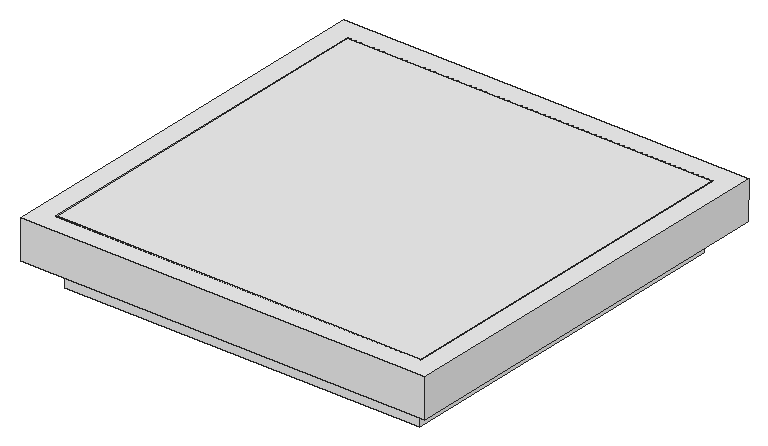
Revit family "TYBIA LED 38W-NW-SE", category Lighting Fixtures, host Face, Revit 2015
Parameters (values of type "KANLUX TYBIA LED 38W-NW-SE 24641 LED 4000K 110° 3500lm aluminium")
  Wattage = 38 W
  built-in parameter 1150110 = 1 (stored number, unit not read)
  built-in parameter 1114217 = 1 (stored number, unit not read)
  Tilt Angle = 90.00°  # constant formula
  built-in parameter 1150109 = 1 (stored number, unit not read)
  built-in parameter 1150134 = 12
  Szerokość = 410 mm  # constant formula
  built-in parameter 1150113 = 1 (stored number, unit not read)
  Photometric Web File = "TYBIA LED 38W-NW.ies"
  Materiał klosz = KANLUX - klosz - tworzywo sztuczne (PMMA)
  built-in parameter 1150105 = 278.54 (stored number, unit not read)
  Lumens = 3500.18 lm
  built-in parameter 1150115 = 1 (stored number, unit not read)
  built-in parameter 1150137 = (empty or 0)
  built-in parameter 1150139 = (empty or 0)
  built-in parameter 1150112 = 1 (stored number, unit not read)
  built-in parameter 1150114 = 1 (stored number, unit not read)
  Kąt rozsyłu = "110°"
  Kod = "24641"
  Keynote = ""
  built-in parameter 1150132 = (empty or 0)
  built-in parameter 1150102 = (empty or 0)
  built-in parameter 1150107 = 4000 (stored number, unit not read)
  built-in parameter 1150138 = (empty or 0)
  built-in parameter 1150106 = 2.7854 (stored number, unit not read)
  Emit from Rectangle Width = Szerokość - 40 mm  # 370 mm
  Emit from Rectangle Length = Długość - 40 mm  # 370 mm
  Emit Shape Visible in Rendering = yes
  built-in parameter 1150104 = 8.5573 (stored number, unit not read)
  Wysokość = 65 mm  # constant formula
  Współczynnik mocy = 1
  URL = "www.kanlux.pl"
  Manufacturer = "KANLUX"  # constant formula
  Długość = 410 mm  # constant formula
  Dimming Lamp Color Temperature Shift = <None>
  Color Filter = 16777215
  built-in parameter 1114218 = 1 (stored number, unit not read)
  built-in parameter 1150133 = 10 (stored number, unit not read)
  Apparent Load = Moc oprawy / Współczynnik mocy  # 38 VA
  Model = "TYBIA LED 38W-NW-SE"
  Wattage Comments = "38"
  Moc oprawy = 38 W
  Materiał obudowa = KANLUX - obudowa - aluminium
  Lamp = "LED"
  Klasyfikacja obciążenia = Oświetlenie
  IP = "IP20"  # constant formula
  Default Elevation = 0 mm
Reference planes
  plane 1 "Środek (Przód/Tył)": y = 0
  plane 2: z = 0
  plane 3 "Środek (Lewa/Prawa)": x = 0
  plane 4: x = 205
  plane 5: x = -205
  plane 6: x = -180
  plane 7: x = 180
  plane 8: z = 65
  plane 9: y = 205
  plane 10: y = -205
  plane 11: y = 180
  plane 12: y = -180
  plane 13: z = 26
  plane 14: x = -185
  plane 15: x = 185
  plane 16: y = 185
  plane 17: y = -185
  plane 18: z = 62
Forms (mm)
  Extrusion 1, solid, material "KANLUX - obudowa - aluminium" <- "Materiał obudowa"
    sketch origin (530.005, -4572, 100) x (0, -1, 0) y (1, 0, 0)
      loop
        line (-4777, -735.005) -> (-4367, -735.005) -> (-4367, -325.005) -> (-4777, -325.005) -> (-4777, -735.005)
    from -74 to -35
  Extrusion 2, solid, material "KANLUX - obudowa - aluminium" <- "Materiał obudowa"
    sketch origin (530.005, -4572, 100) x (0, -1, 0) y (1, 0, 0)
      loop
        line (-4392, -350.005) -> (-4752, -350.005) -> (-4752, -710.005) -> (-4392, -710.005) -> (-4392, -350.005)
    from -100 to -74
  Extrusion 3, void
    sketch origin (530.005, -4572, 100) x (0, -1, 0) y (1, 0, 0)
      loop
        line (-4387, -715.005) -> (-4387, -345.005) -> (-4757, -345.005) -> (-4757, -715.005) -> (-4387, -715.005)
    from -38 to -35
  Extrusion 4, solid, material "KANLUX - klosz - tworzywo sztuczne (PMMA)" <- "Materiał klosz"
    sketch origin (530.005, -4572, 100) x (0, -1, 0) y (1, 0, 0)
      loop
        line (-4387, -715.005) -> (-4387, -345.005) -> (-4757, -345.005) -> (-4757, -715.005) -> (-4387, -715.005)
    from -38 to -35
Cuts and joins
  Extrusion 3 cuts Extrusion 1
  joined: Extrusion 1, Extrusion 2
Dimensions and locks
  "Wysokość": plane 8 to host face
  "Długość": plane 5 to plane 4
  equal spacing: plane 5, plane 3 "Środek (Lewa/Prawa)", plane 4
  locked: plane 5 to plane 6 at 25
  locked: plane 7 to plane 4 at 25
  "Szerokość": plane 9 to plane 10
  equal spacing: plane 9, plane 1 "Środek (Przód/Tył)", plane 10
  locked: plane 9 to plane 11 at 25
  locked: plane 10 to plane 12 at 25
  locked: plane 13 to host face at 26
  locked: plane 5 to plane 14 at 20
  locked: plane 15 to plane 4 at 20
  locked: plane 9 to plane 16 at 20
  plane 10 to plane 17 = 20 mm
  locked: plane 8 to plane 18 at 3
  aligned and locked: plane 2 to host face
  aligned and locked: level to host face
  aligned and locked: plane 3 "Środek (Lewa/Prawa)" to imposter light
  aligned and locked: imposter light to plane 1 "Środek (Przód/Tył)"
  aligned and locked: plane 8 to imposter light
  aligned and locked: plane 9 to Extrusion 1 sketch curve
  aligned and locked: Extrusion 1 sketch curve to plane 5
  aligned and locked: plane 10 to Extrusion 1 sketch curve
  aligned and locked: Extrusion 1 sketch curve to plane 4
  aligned and locked: plane 13 to Extrusion 1
  aligned and locked: Extrusion 1 to imposter light
  aligned and locked: Extrusion 2 to plane 2
  aligned and locked: Extrusion 2 to plane 13
  aligned and locked: plane 18 to Extrusion 3
  aligned and locked: Extrusion 3 to plane 8
  aligned and locked: plane 18 to Extrusion 4
  aligned and locked: Extrusion 4 to imposter light
  aligned and locked: Extrusion 4 sketch curve to plane 16
  aligned and locked: plane 15 to Extrusion 4 sketch curve
  aligned and locked: Extrusion 4 sketch curve to plane 17
  aligned and locked: plane 14 to Extrusion 4 sketch curve
  aligned and locked: Extrusion 3 sketch curve to plane 16
  aligned and locked: plane 15 to Extrusion 3 sketch curve
  aligned and locked: Extrusion 3 sketch curve to plane 17
  aligned and locked: plane 14 to Extrusion 3 sketch curve
  aligned and locked: Extrusion 2 sketch curve to plane 12
  aligned and locked: plane 6 to Extrusion 2 sketch curve
  aligned and locked: Extrusion 2 sketch curve to plane 11
  aligned and locked: plane 7 to Extrusion 2 sketch curve
Automatic sketch dimensions
  host sketch curve to host sketch curve = 2438.4 mm  (x2)
Connectors
  electrical at (0, 0, 0), driven by "Apparent Load", driven by "Współczynnik mocy", driven by "Klasyfikacja obciążenia"
    settings: on host face, index 1, voltage 230 V, apparent load 38 VA, apparent load phase1 0 VA, apparent load phase2 0 VA, apparent load phase3 0 VA, power factor 1, load classification "Oświetlenie", number of poles 1, system type 30, power factor state 1, is connector primary yes, connector utility no, sub classification motor no, connector description ""
